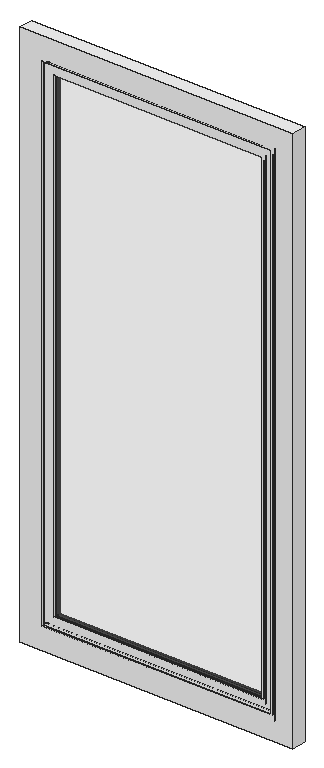
Revit family
Parameters (values of type "SH0612")
  Height = 1190 mm
  Head Height = 2125 mm
  Default Sill Height = Head Height - Height  # 935 mm
  Wall Closure = (empty or 0)
  Width = 590 mm
Types (3, lengths in mm): name | Height | Default Sill Height
  (no name) | 1190 | 935
  SH0609 | 890 | 1235
  SH0612 | 1190 | 935
Reference planes
  plane 1 "Center (Front/Back)": y = 0
  plane 2 "Center (Left/Right)": x = 0
  plane 3 "Left": x = -295
  plane 4 "Right": x = 295
  plane 5 "Sill": z = 935
  plane 6 "Head": z = 2125
  plane 7 "Exterior": y = 100
  plane 8 "Interior": y = -100
  plane 9: y = -30.5
  plane 10: x = 0
  plane 11: z = 1530
Forms (mm)
  Sweep 1, solid, material "Default Frame"
    path origin (0, 100, 0) x (1, 0, 0) y (0, 0, 1)
      loop
        line (295, 2125) -> (-295, 2125) -> (-295, 935) -> (295, 935) -> (295, 2125)
    profile origin (0, 100, 2125) x (0, 0, -1) y (0, -1, 0)
      loop
        line (0, 115.25) -> (0, 84.75) -> (30.58, 84.75) -> (30.58, 87.464) -> (28.08, 86.021) -> (28.08, 113.85) -> (39.575, 113.85) -> (39.575, 111.85) -> (46.275, 111.85)
        arc (46.275, 111.85) -> (46.875, 111.25) -> (47.475, 111.85) r 0.6
        line (47.475, 111.85) -> (47.475, 115.25) -> (0, 115.25)
  Sweep 2, solid, material "Default Frame"
    path origin (-50, -100, -50) x (1, 0, 0) y (0, 0, -1)
      loop
        line (295, -2125) -> (295, -1034.93) -> (-195, -1034.93) -> (-195, -2125) -> (295, -2125)
    profile origin (0, -100, 2075) x (0, 0, 1) y (0, 1, 0)
      loop
        line (-2.36, 95.735) -> (-1.858, 90.997)
        arc (-1.858, 90.997) -> (-1.541, 90.736) -> (-1.26, 91.035) r 0.3
        line (-1.26, 91.035) -> (-1.26, 117.263) -> (-3.26, 116.536) -> (-3.26, 118.735) -> (-4.719, 118.735) -> (-17.687, 105.637) -> (-17.687, 104.637) -> (-5.88, 104.637) -> (-5.88, 105.637) -> (-2.36, 105.637) -> (-2.36, 95.735)
  Extrusion 3, solid, material "Glass"
    sketch origin (0, 0.5, 64.722) x (1, 0, 0) y (0, 0, 1)
      loop
        line (239.12, 2004.398) -> (-239.12, 2004.398) -> (-239.12, 926.088) -> (239.12, 926.088) -> (239.12, 2004.398)
    from 0 to 3
  Sweep 4, solid, material "Default Frame"
    path origin (-34.71, -100, -65.29) x (1, 0, 0) y (0, 0, -1)
      loop
        line (295, -2155.58) -> (295, -1034.97) -> (-225.61, -1034.97) -> (-225.61, -2155.58) -> (295, -2155.58)
    profile origin (-0.015, -100, 2090.29) x (0, 0, 1) y (0, 1, 0)
      loop
        line (-4.865, 88.75) -> (-4.865, 91.464) -> (-7.37, 90.018) -> (-7.37, 117.85) -> (4.13, 117.85) -> (4.13, 115.85) -> (10.83, 115.85)
        arc (10.83, 115.85) -> (11.43, 115.25) -> (12.03, 115.85) r 0.6
        line (12.03, 115.85) -> (12.03, 119.25) -> (-18.55, 119.25) -> (-18.55, 116.536) -> (-16.05, 117.979) -> (-16.05, 90.15) -> (-27.545, 90.15) -> (-27.545, 92.15) -> (-34.245, 92.15)
        arc (-34.245, 92.15) -> (-34.845, 92.75) -> (-35.445, 92.15) r 0.6
        line (-35.445, 92.15) -> (-35.445, 88.75) -> (-4.865, 88.75)
  Sweep 5, solid, material "Rubber seal"
    path origin (-50, -100, -50) x (1, 0, 0) y (0, 0, -1)
      loop
        line (295, -2125) -> (295, -1034.93) -> (-195, -1034.93) -> (-195, -2125) -> (295, -2125)
    profile origin (0, -100, 2075) x (0, 0, 1) y (0, 1, 0)
      loop
        line (-18.698, 104.637) -> (-22.835, 100.5) -> (-12.329, 100.5) -> (-12.329, 104.637) -> (-18.698, 104.637)
      loop
        line (-22.835, 97.5) -> (-19.555, 92.75) -> (-12.329, 92.75) -> (-12.329, 97.5) -> (-22.835, 97.5)
Lines and regions (mm)
  Opening 1
    outline origin (3500, -100, 0) x (1, 0, 0) y (0, 0, 1)
      loop
        line (-3205, 935) -> (-3205, 2125) -> (-3795, 2125) -> (-3795, 935) -> (-3205, 935)
  symbolic lines, style "Elevation Swing"
    curve 1: line (272.32, 19.25, 2102.32) -> (-272.35, 19.25, 1530)
    curve 2: line (272.32, 19.25, 957.65) -> (-272.35, 19.25, 1530)
Text (mm)
  text "EXTERIOR" at (-1963.203, 1332.353, 0), in view "Ref. Level"
  text "INTERIOR" at (-1981.466, -818.386, 0), in view "Ref. Level"
  text "Exterior" at (0, 923.751, 2943.296), in view "Right"
  text "Exterior" at (0, 1040.484, 2685.409), in view "Left"
Dimensions and locks
  equal spacing: plane 3 "Left", plane 2 "Center (Left/Right)", plane 4 "Right"
  "Width": plane 3 "Left" to plane 4 "Right"
  "Height": plane 5 "Sill" to plane 6 "Head"
  "Default Sill Height": plane 5 "Sill" to level
  locked: plane 7 "Exterior" to host wall at 0
  locked: plane 8 "Interior" to host wall
  Extrusion 3 sketch curve to Sweep 4 = 2.62 mm  (x2)
  Extrusion 3 sketch curve to Sweep 4 = 2.65 mm
  Sweep 4 to Extrusion 3 sketch curve = 2.58 mm
  equal spacing: plane 3 "Left", plane 10, plane 4 "Right"
  Sweep 4 sketch curve to Sweep 1 = 4.13 mm
  Sweep 1 to Sweep 4 sketch curve = 4.1 mm  (x2)
  equal spacing: plane 5 "Sill", plane 11, plane 6 "Head"
  Sweep 4 sketch curve to Sweep 1 = 4.1 mm
  Sweep 2 sketch curve to Sweep 4 = 3.3 mm
  Sweep 5 sketch curve to Sweep 4 = 3.3 mm
  aligned and locked: plane 11 to curve 1
Automatic sketch dimensions
  Opening 1 sketch curve to plane 3 "Left" = 0 mm
  Opening 1 sketch curve to plane 4 "Right" = 0 mm
  Opening 1 sketch curve to plane 5 "Sill" = 0 mm
  Opening 1 sketch curve to plane 6 "Head" = 0 mm
  Sweep 1 sketch curve to plane 3 "Left" = 0 mm
  Sweep 1 sketch curve to plane 4 "Right" = 0 mm
  Sweep 1 sketch curve to plane 5 "Sill" = 0 mm
  Sweep 1 sketch curve to plane 6 "Head" = 0 mm
  Sweep 2 sketch curve to plane 3 "Left" = 50 mm
  plane 4 "Right" to Sweep 2 sketch curve = 50 mm
  plane 6 "Head" to Sweep 2 sketch curve = 50 mm
  plane 4 "Right" to Sweep 4 sketch curve = 34.71 mm
  Sweep 5 sketch curve to plane 3 "Left" = 50 mm
  plane 4 "Right" to Sweep 5 sketch curve = 50 mm
  plane 6 "Head" to Sweep 5 sketch curve = 50 mm
  curve 2 to Sweep 4 = 0 mm  (x3)
  curve 1 to Sweep 4 = 0 mm  (x2)
  Sweep 1 sketch curve to profile plane = 0 mm
  Sweep 1 sketch curve to Sweep 1 sketch curve = 2.5 mm
  Sweep 1 sketch curve to Sweep 1 sketch curve = 6.7 mm
  Sweep 1 sketch curve to Sweep 1 sketch curve = 0.6 mm
  profile plane to Sweep 1 sketch curve = 84.75 mm
  Sweep 1 sketch curve to Sweep 1 sketch curve = 1.271 mm
  Sweep 1 sketch curve to Sweep 1 sketch curve = 2.714 mm
  Sweep 1 sketch curve to Sweep 1 sketch curve = 26.386 mm
  Sweep 1 sketch curve to Sweep 1 sketch curve = 2 mm
  Sweep 1 sketch curve to Sweep 1 sketch curve = 3.4 mm
  Sweep 1 sketch curve to profile plane = 28.08 mm
  Sweep 1 sketch curve to Sweep 1 sketch curve = 11.495 mm
  Sweep 4 sketch curve to Sweep 4 sketch curve = 0.6 mm  (x2)
  Sweep 4 sketch curve to Sweep 4 sketch curve = 6.7 mm  (x2)
  profile plane to Sweep 4 sketch curve = 18.55 mm
  Sweep 4 sketch curve to Sweep 4 sketch curve = 2.5 mm
  Sweep 4 sketch curve to profile plane = 4.13 mm
  profile plane to Sweep 4 sketch curve = 88.75 mm
  Sweep 4 sketch curve to Sweep 4 sketch curve = 1.268 mm
  Sweep 4 sketch curve to Sweep 4 sketch curve = 3.4 mm  (x2)
  Sweep 4 sketch curve to Sweep 4 sketch curve = 1.314 mm
  Sweep 4 sketch curve to Sweep 4 sketch curve = 1.443 mm
  profile plane to Sweep 4 sketch curve = 7.37 mm
  Sweep 4 sketch curve to Sweep 4 sketch curve = 25.832 mm
  Sweep 4 sketch curve to Sweep 4 sketch curve = 2.714 mm
  Sweep 4 sketch curve to Sweep 4 sketch curve = 11.495 mm
  Sweep 4 sketch curve to Sweep 4 sketch curve = 2.505 mm
  Sweep 4 sketch curve to Sweep 4 sketch curve = 1.446 mm
  Sweep 4 sketch curve to Sweep 4 sketch curve = 0.132 mm
  profile plane to Sweep 2 sketch curve = 5.88 mm
  profile plane to Sweep 2 sketch curve = 4.719 mm
  Sweep 2 sketch curve to Sweep 2 sketch curve = 1.459 mm
  profile plane to Sweep 2 sketch curve = 2.36 mm
  profile plane to Sweep 2 sketch curve = 1.858 mm
  Sweep 2 sketch curve to Sweep 2 sketch curve = 0.298 mm
  Sweep 2 sketch curve to Sweep 2 sketch curve = 0.3 mm
  profile plane to Sweep 2 sketch curve = 90.997 mm
  Sweep 2 sketch curve to Sweep 2 sketch curve = 4.738 mm
  Sweep 2 sketch curve to Sweep 2 sketch curve = 8.902 mm
  Sweep 2 sketch curve to Sweep 2 sketch curve = 1 mm  (x2)
  Sweep 2 sketch curve to Sweep 2 sketch curve = 10.899 mm
  Sweep 2 sketch curve to Sweep 2 sketch curve = 0.728 mm
  Sweep 2 sketch curve to Sweep 2 sketch curve = 2.2 mm
  Sweep 2 sketch curve to Sweep 2 sketch curve = 11.806 mm
  profile plane to Sweep 5 sketch curve = 22.835 mm
  Sweep 5 sketch curve to Sweep 5 sketch curve = 0 mm
  Sweep 5 sketch curve to Sweep 5 sketch curve = 3.28 mm
  Sweep 5 sketch curve to Sweep 5 sketch curve = 4.137 mm  (x2)
  Sweep 5 sketch curve to Sweep 5 sketch curve = 6.37 mm
  Sweep 5 sketch curve to Sweep 5 sketch curve = 7.226 mm
  profile plane to Sweep 5 sketch curve = 92.75 mm
  Sweep 5 sketch curve to Sweep 5 sketch curve = 4.75 mm
  Sweep 5 sketch curve to Sweep 5 sketch curve = 3 mm
  Sweep 2 sketch curve to plane 5 "Sill" = 49.93 mm
